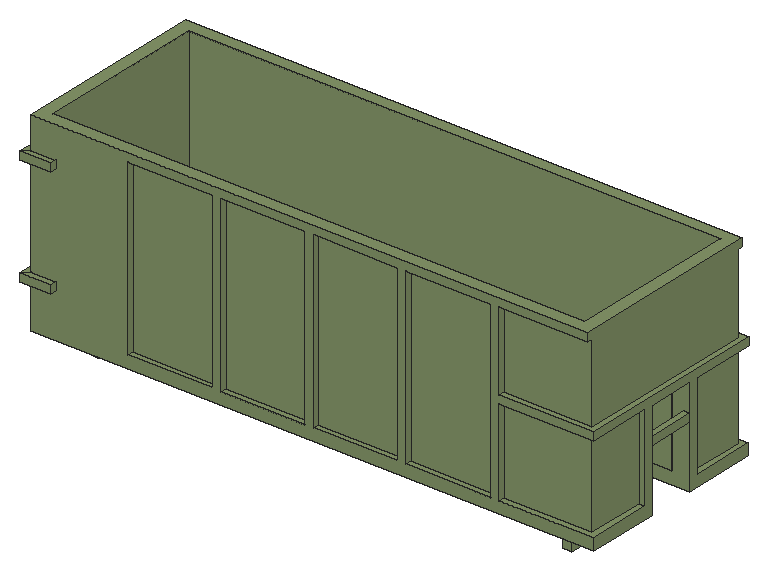
Revit family "6a75dc287d794a76bae56fe067b58ea7", category Site, Revit 2021
Family settings
  Round Connector Dimension = Use Diameter
  Part Type = Normal
  Seek Item ID = Waste Container-0000-USA-ENU
  Work Plane-Based = No
  Always vertical = Yes
  Cut with Voids When Loaded = No
  Shared = No
Parameters (values of type "Waste Container")
  Assembly Code = "E1090200"
Reference planes (in)
  plane 1 "Center (Front/Back)": y = 0
  plane 2: z = 0
  plane 3 "Center (Left/Right)": x = 0
  plane 4: z = 4
  plane 5: x = 276
  plane 6: z = 100
  plane 7: y = 96
  plane 8: z = 10
  plane 9: z = 55
  plane 10: x = 246
  plane 11: y = 66
  plane 12: y = 30
  plane 13: x = 230
  plane 14: x = 184
  plane 15: x = 138
  plane 16: x = 92
  plane 17: x = 46
  plane 18: z = 53
  plane 19: y = 48
  plane 20: z = 68
  plane 21: z = 36
  plane 22: y = 6
Forms (in)
  Extrusion 1, solid, material "Metal - Painted Finish - Green, Dark"
    sketch origin (0, 0, 4) x (0, -1, 0) y (-1, 0, 0)
      loop
        line (-96, 0) -> (-96, -279) -> (0, -279) -> (0, 0) -> (-96, 0)
    from 0 to -96
  Extrusion 2, void
    sketch origin (0, 0, 100) x (0, -1, 0) y (-1, 0, 0)
      loop
        line (-90, -6) -> (-90, -270) -> (-6, -270) -> (-6, -6) -> (-90, -6)
    from 0 to 90
  Extrusion 3, solid, material "Metal - Painted Finish - Green, Dark"
    sketch origin (0, 0, 10) x (1, 0, 0) y (0, -1, 0)
      loop
        line (270, -66) -> (270, -30) -> (246, -30) -> (246, -66) -> (270, -66)
    from 0 to -47
  Extrusion 4, void
    sketch origin (0, 0, 4) x (-1, 0, 0) y (0, -1, 0)
      loop
        line (-279, -60) -> (-252, -60) -> (-252, -36) -> (-279, -36) -> (-279, -60)
    from 0 to 49
  Extrusion 5, void
    sketch origin (0, 96, 0) x (-1, 0, 0) y (0, 0, 1)
      loop
        line (-48, 10) -> (-48, 96) -> (-90, 96) -> (-90, 10) -> (-48, 10)
      loop
        line (-136, 10) -> (-94, 10) -> (-94, 96) -> (-136, 96) -> (-136, 10)
      loop
        line (-140, 10) -> (-140, 96) -> (-182, 96) -> (-182, 10) -> (-140, 10)
      loop
        line (-228, 10) -> (-186, 10) -> (-186, 96) -> (-228, 96) -> (-228, 10)
      loop
        line (-232, 10) -> (-232, 53) -> (-276, 53) -> (-276, 10) -> (-232, 10)
      loop
        line (-232, 96) -> (-276, 96) -> (-276, 57) -> (-232, 57) -> (-232, 96)
    from 0 to -3
  Extrusion 6, void
    sketch origin (276, 0, 0) x (0, 0, 1) y (0, -1, 0)
      loop
        line (100, -96) -> (100, 0) -> (57, 0) -> (57, -96) -> (100, -96)
      loop
        line (53, -96) -> (53, -64) -> (10, -64) -> (10, -96) -> (53, -96)
      loop
        line (53, 0) -> (10, 0) -> (10, -32) -> (53, -32) -> (53, 0)
    from 0 to 12
  Extrusion 7, void
    sketch origin (0, 0, 0) x (-1, 0, 0) y (0, 0, -1)
      loop
        line (-48, -10) -> (-90, -10) -> (-90, -96) -> (-48, -96) -> (-48, -10)
      loop
        line (-136, -10) -> (-136, -96) -> (-94, -96) -> (-94, -10) -> (-136, -10)
      loop
        line (-140, -10) -> (-182, -10) -> (-182, -96) -> (-140, -96) -> (-140, -10)
      loop
        line (-228, -10) -> (-228, -96) -> (-186, -96) -> (-186, -10) -> (-228, -10)
      loop
        line (-232, -10) -> (-276, -10) -> (-276, -53) -> (-232, -53) -> (-232, -10)
      loop
        line (-232, -96) -> (-232, -57) -> (-276, -57) -> (-276, -96) -> (-232, -96)
    from 0 to -3
  Extrusion 8, solid, material "Metal - Painted Finish - Green, Dark"
    sketch origin (276, 0, 0) x (0, 0, -1) y (0, -1, 0)
      loop
        line (-39, -60) -> (-35, -60) -> (-35, -36) -> (-39, -36) -> (-39, -60)
    from 0 to -3
  Sweep 9, solid, material "Metal - Painted Finish - Green, Dark"
    path origin (0, 0, 68) x (1, 0, 0) y (0, 1, 0)
      loop
        line (0, 12) -> (0, 0) -> (12, 0)
    profile origin (0, 6, 68) x (1, 0, 0) y (0, 0, 1)
      loop
        line (0, -42) -> (0, -38) -> (-3, -38) -> (-3, -42) -> (0, -42)
      loop
        line (0, 16) -> (-3, 16) -> (-3, 12) -> (0, 12) -> (0, 16)
  Sweep 10, solid, material "Metal - Painted Finish - Green, Dark"
    path origin (0, 96, 68) x (1, 0, 0) y (0, 1, 0)
      loop
        line (0, -12) -> (0, 0) -> (12, 0)
    profile origin (0, 90, 68) x (-1, 0, 0) y (0, 0, 1)
      loop
        line (0, -42) -> (3, -42) -> (3, -38) -> (0, -38) -> (0, -42)
      loop
        line (0, 16) -> (0, 12) -> (3, 12) -> (3, 16) -> (0, 16)
  Extrusion 11, solid, material "Metal - Painted Finish - Green, Dark"
    sketch origin (0, 6, 0) x (0, 0, -1) y (1, 0, 0)
      loop
        line (-4.03178, 33.88153) -> (-4.03178, 23.25718)
        arc (-4.03178, 23.25718) -> (0.04315, 28.56936) -> (-4.03178, 33.88153) r 5.5
    from 1 to -10
  Extrusion 12, solid, material "Metal - Painted Finish - Green, Dark"
    sketch origin (0, 90, 0) x (0, 0, -1) y (-1, 0, 0)
      loop
        arc (-4.03178, -33.88153) -> (0.04315, -28.56936) -> (-4.03178, -23.25718) r 5.5
        line (-4.03178, -23.25718) -> (-4.03178, -33.88153)
    from 1 to -10
  Extrusion 13, solid, material "Metal - Painted Finish - Green, Dark"
    sketch origin (0, 6, 0) x (0, 0, -1) y (1, 0, 0)
      loop
        line (-4, 268.42462) -> (-4, 263.64206) -> (0, 263.64206) -> (0, 268.42462) -> (-4, 268.42462)
    from 0 to 6
  Extrusion 14, solid, material "Metal - Painted Finish - Green, Dark"
    sketch origin (0, 90, 0) x (0, 0, -1) y (-1, 0, 0)
      loop
        line (-4, -268.42462) -> (0, -268.42462) -> (0, -263.64206) -> (-4, -263.64206) -> (-4, -268.42462)
    from 0 to 6
Cuts and joins
  Extrusion 2, Extrusion 4, Extrusion 5, Extrusion 6, Extrusion 7 cuts Extrusion 1
  Extrusion 4, Extrusion 5, Extrusion 6 cuts Extrusion 3
Dimensions and locks (in)
  locked: plane 6 to plane 4 at 96
  plane 17 to plane 3 "Center (Left/Right)" = 3' - 10"
  equal spacing: plane 5, plane 13, plane 14, plane 15, plane 16, plane 17, plane 3 "Center (Left/Right)"
  Extrusion 6 sketch curve to cut or joined group of Extrusion 1, Extrusion 2, Extrusion 4, Extrusion 5, Extrusion 6, Extrusion 7 = 0' - 4"
  equal spacing: plane 1 "Center (Front/Back)", plane 19, plane 7
  equal spacing: plane 4, plane 21, plane 20, plane 6
  aligned and locked: Extrusion 1 to plane 6
  aligned and locked: plane 4 to Extrusion 1
  aligned and locked: Extrusion 2 to plane 6
